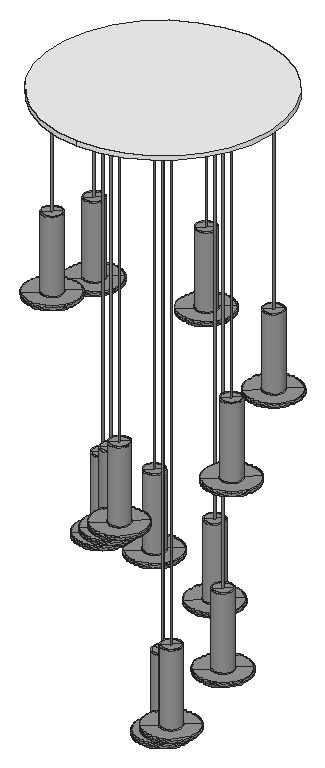
Revit family "Haworth_Cielo_Pendant_ThirteenLight", category Lighting Fixtures, host Ceiling, Revit 2018
Family settings
  Host = Ceiling
  Round Connector Dimension = Use Diameter
  Part Type = Normal
  OmniClass Number = 23.80.70.11
  OmniClass Title = Luminaries for Internal Lighting
  Always vertical = Yes
  Cut with Voids When Loaded = No
  Light Source = Yes
  Shared = No
  Room Calculation Point = No
Parameters (values of type "LEP3-2710")
  Wattage = 8 W
  built-in parameter 1150110 = 1 (stored number, unit not read)
  built-in parameter 1114217 = 1 (stored number, unit not read)
  Tilt Angle = 90.00°
  built-in parameter 1150109 = 1 (stored number, unit not read)
  built-in parameter 1150134 = (empty or 0)
  built-in parameter 1150113 = 1 (stored number, unit not read)
  Support Radius = 1' - 1"  # constant formula
  Photometric Web File = "generic"
  built-in parameter 1150142 = (empty or 0)
  built-in parameter 1150105 = 30.558 (stored number, unit not read)
  Lumens = 384 lm
  built-in parameter 1150115 = 1 (stored number, unit not read)
  Light Source Offset [instance] = Actual Cords 13 Length + 0' 10"  # 5' - 10"
  built-in parameter 1150137 = (empty or 0)
  built-in parameter 1150139 = (empty or 0)
  Lamps Width = 2' - 3"  # constant formula
  Warranty = "http://www.haworth.com/resources/product-info/warranties"
  URL - Product = "https://www.haworth.com/products/lighting/pendant/cielo"
  URL = "http://www.haworth.com/our-brands/haworth-collection"
  Trim Finish [instance] = Haworth _ Metal _ Stainless Steel
  Size = "Verify Final Dim. w/ Haworth"  # constant formula
  Revision Number = "1"  # constant formula
  Model = "LEP3-2710"  # constant formula
  Min. Cords Length = 1' - 0"  # constant formula
  Max. Cords Length = 10' - 0"  # constant formula
  Manufacturer = "Haworth"  # constant formula
  built-in parameter 1150112 = 1 (stored number, unit not read)
  built-in parameter 1150114 = 1 (stored number, unit not read)
  built-in parameter 1150132 = (empty or 0)
  built-in parameter 1150102 = (empty or 0)
  built-in parameter 1150107 = 3000 (stored number, unit not read)
  built-in parameter 1150138 = (empty or 0)
  built-in parameter 1150106 = 0.30558 (stored number, unit not read)
  Glass Finish = Haworth _ Glass _ Frosted
  Emit from Circle Diameter = 2' - 0"
  Emit Shape Visible in Rendering = no
  built-in parameter 1150104 = 4.4593 (stored number, unit not read)
  Dimming Lamp Color Temperature Shift = <None>
  Description = "Haworth Cielo Pendant with Thirteen Lights"  # constant formula
  Cords Finish = Haworth _ Metal _ Satin Aluminum_Grey-Cord TR-E05
  Cords 9 Length [instance] = 3' - 8"  # constant formula
  Cords 8 Length [instance] = 3' - 4"  # constant formula
  Cords 7 Length [instance] = 3' - 0"  # constant formula
  Cords 6 Length [instance] = 2' - 8"  # constant formula
  Cords 5 Length [instance] = 2' - 4"  # constant formula
  Cords 4 Length [instance] = 2' - 0"  # constant formula
  Cords 3 Length [instance] = 1' - 8"  # constant formula
  Cords 2 Length [instance] = 1' - 4"  # constant formula
  Cords 13 Length [instance] = 5' - 0"  # constant formula
  Cords 12 Length [instance] = 4' - 8"  # constant formula
  Cords 11 Length [instance] = 4' - 4"  # constant formula
  Cords 10 Length [instance] = 4' - 0"  # constant formula
  Cords 1 Length [instance] = 1' - 0"  # constant formula
  Color Filter = 16777215
  built-in parameter 1140040 [instance] = 1
  built-in parameter 1114218 = 1 (stored number, unit not read)
  Author = "Haworth (Alias)"  # constant formula
  built-in parameter 1150133 = 10 (stored number, unit not read)
  Assembly Code = "D5020200"
  Apparent Load = 0 VA
  Actual Cords 9 Length [instance] = if(Cords 9 Length > Max. Cords Length, Max. Cords Length, if(Cords 9 Length < Min. Cords Length, Min. Cords Length, Cords 9 Length))  # 3' - 8"
  Actual Cords 8 Length [instance] = if(Cords 8 Length > Max. Cords Length, Max. Cords Length, if(Cords 8 Length < Min. Cords Length, Min. Cords Length, Cords 8 Length))  # 3' - 4"
  Actual Cords 7 Length [instance] = if(Cords 7 Length > Max. Cords Length, Max. Cords Length, if(Cords 7 Length < Min. Cords Length, Min. Cords Length, Cords 7 Length))  # 3' - 0"
  Actual Cords 6 Length [instance] = if(Cords 6 Length > Max. Cords Length, Max. Cords Length, if(Cords 6 Length < Min. Cords Length, Min. Cords Length, Cords 6 Length))  # 2' - 8"
  Actual Cords 5 Length [instance] = if(Cords 5 Length > Max. Cords Length, Max. Cords Length, if(Cords 5 Length < Min. Cords Length, Min. Cords Length, Cords 5 Length))  # 2' - 4"
  Actual Cords 4 Length [instance] = if(Cords 4 Length > Max. Cords Length, Max. Cords Length, if(Cords 4 Length < Min. Cords Length, Min. Cords Length, Cords 4 Length))  # 2' - 0"
  Actual Cords 3 Length [instance] = if(Cords 3 Length > Max. Cords Length, Max. Cords Length, if(Cords 3 Length < Min. Cords Length, Min. Cords Length, Cords 3 Length))  # 1' - 8"
  Actual Cords 2 Length [instance] = if(Cords 2 Length > Max. Cords Length, Max. Cords Length, if(Cords 2 Length < Min. Cords Length, Min. Cords Length, Cords 2 Length))  # 1' - 4"
  Actual Cords 13 Length [instance] = if(Cords 13 Length > Max. Cords Length, Max. Cords Length, if(Cords 13 Length < Min. Cords Length, Min. Cords Length, Cords 13 Length))  # 5' - 0"
  Actual Cords 12 Length [instance] = if(Cords 12 Length > Max. Cords Length, Max. Cords Length, if(Cords 12 Length < Min. Cords Length, Min. Cords Length, Cords 12 Length))  # 4' - 8"
  Actual Cords 11 Length [instance] = if(Cords 11 Length > Max. Cords Length, Max. Cords Length, if(Cords 11 Length < Min. Cords Length, Min. Cords Length, Cords 11 Length))  # 4' - 4"
  Actual Cords 10 Length [instance] = if(Cords 10 Length > Max. Cords Length, Max. Cords Length, if(Cords 10 Length < Min. Cords Length, Min. Cords Length, Cords 10 Length))  # 4' - 0"
  Actual Cords 1 Length [instance] = if(Cords 1 Length > Max. Cords Length, Max. Cords Length, if(Cords 1 Length < Min. Cords Length, Min. Cords Length, Cords 1 Length))  # 1' - 0"
Reference planes (in)
  plane 1 "Light Source Axis (F/B)": y = 0
  plane 2 "Ceiling": z = 145
  plane 3 "Light Source Axis (L/R)": x = 0
  plane 4 "Light Source Elevation": z = 74.5
  plane 5 "Back": y = 13.5
  plane 6 "Front": y = -13.5
  plane 7 "Left": x = -13.5
  plane 8 "Right": x = 13.5
  plane 9 "Bottom Bracket": z = 144.5
  plane 10: through (0, 0, 48) normal (0.695, 0.719, 0)
  plane 11: through (1.5717, 5.86565, 48) normal (0.695, 0.719, 0)
  plane 12: through (-1.57869, -5.86117, 48) normal (0.695, 0.719, 0)
  plane 13: through (-7.21321, -7.62318, 48) normal (0.695, 0.719, 0)
  plane 14: through (7.37453, 7.46723, 48) normal (0.695, 0.719, 0)
  plane 15: through (0, 0, 48) normal (-0.719, 0.695, 0)
  plane 16: through (-5.92161, -1.66291, 48) normal (-0.719, 0.695, 0)
  plane 17: through (-4.44481, 4.32501, 48) normal (-0.719, 0.695, 0)
  plane 18: through (-10.36516, 2.66089, 48) normal (-0.719, 0.695, 0)
  plane 19: through (-1.46142, -5.97453, 48) normal (-0.719, 0.695, 0)
  plane 20: through (4.47306, -4.29579, 48) normal (-0.719, 0.695, 0)
  plane 21: through (3.01038, -10.26911, 48) normal (-0.719, 0.695, 0)
Forms (in)
  Extrusion 1, solid, material "Haworth _ Paint _ Collection White"
    sketch origin (0, 0, 74.5) x (0, -1, 0) y (1, 0, 0)
      loop
        circle (0, 0) r 13
    from 70 to 70.5
Lines and regions (in)
  Masking region 1
    outline origin (0, 0, 74.5) x (0, -1, 0) y (1, 0, 0)
      loop
        circle (0, 0) r 13
  Masking region 2
    outline origin (0, 0, 78.91326) x (0, -1, 0) y (1, 0, 0)
      loop
        circle (-10.28254, -2.99739) r 3
  Masking region 3
    outline origin (4.45768, -4.30919, 78.91326) x (0, -1, 0) y (1, 0, 0)
      loop
        circle (-10.28254, -2.99739) r 3
  Masking region 4
    outline origin (8.91786, -8.62081, 78.91326) x (0, -1, 0) y (1, 0, 0)
      loop
        circle (-10.28254, -2.99739) r 3
  Masking region 5
    outline origin (13.37554, -12.93, 78.91326) x (0, -1, 0) y (1, 0, 0)
      loop
        circle (-10.28254, -2.99739) r 3
  Masking region 6
    outline origin (-1.46154, -5.97214, 78.91326) x (0, -1, 0) y (1, 0, 0)
      loop
        circle (-10.28254, -2.99739) r 3
  Masking region 7
    outline origin (2.99739, -10.28254, 78.91326) x (0, -1, 0) y (1, 0, 0)
      loop
        circle (-10.28254, -2.99739) r 3
  Masking region 8
    outline origin (7.45632, -14.59294, 78.91326) x (0, -1, 0) y (1, 0, 0)
      loop
        circle (-10.28254, -2.99739) r 3
  Masking region 9
    outline origin (10.29126, -2.73734, 78.91326) x (0, -1, 0) y (1, 0, 0)
      loop
        circle (-10.28254, -2.99739) r 3
  Masking region 10
    outline origin (-7.3819, -7.63626, 78.91326) x (0, -1, 0) y (1, 0, 0)
      loop
        circle (-10.28254, -2.99739) r 3
  Masking region 11
    outline origin (-2.92422, -11.94545, 78.91326) x (0, -1, 0) y (1, 0, 0)
      loop
        circle (-10.28254, -2.99739) r 3
  Masking region 12
    outline origin (1.53597, -16.25707, 78.91326) x (0, -1, 0) y (1, 0, 0)
      loop
        circle (-10.28254, -2.99739) r 3
  Masking region 13
    outline origin (5.99364, -20.56626, 78.91326) x (0, -1, 0) y (1, 0, 0)
      loop
        circle (-10.28254, -2.99739) r 3
  Masking region 14
    outline origin (-4.29648, -17.82775, 78.91326) x (0, -1, 0) y (1, 0, 0)
      loop
        circle (-10.28254, -2.99739) r 3
Dimensions and locks (in)
  equal spacing: host sketch curve, plane 3 "Light Source Axis (L/R)", host sketch curve
  equal spacing: host sketch curve, plane 1 "Light Source Axis (F/B)", host sketch curve
  host sketch curve to host sketch curve = 10' - 0"  (x2)
  locked: plane 2 "Ceiling" to plane 9 "Bottom Bracket" at 0.5
  equal spacing: plane 7 "Left", plane 3 "Light Source Axis (L/R)", plane 8 "Right"  (x2)
  equal spacing: plane 5 "Back", plane 1 "Light Source Axis (F/B)", plane 6 "Front"
  "Lamps Width": plane 7 "Left" to plane 8 "Right"
  "Lamps Width": plane 5 "Back" to plane 6 "Front"
  "Light Source Offset": plane 9 "Bottom Bracket" to plane 4 "Light Source Elevation"
  "Support Radius": radius of Extrusion 1 sketch curve
  "Support Radius": radius of Masking region 1 sketch curve
  aligned and locked: plane 2 "Ceiling" to host ceiling
  aligned and locked: plane 2 "Ceiling" to Extrusion 1
  aligned and locked: plane 9 "Bottom Bracket" to Extrusion 1
  aligned and locked: plane 3 "Light Source Axis (L/R)" to Masking region 1 sketch curve
  aligned and locked: plane 1 "Light Source Axis (F/B)" to Masking region 1 sketch curve
  aligned and locked: plane 1 "Light Source Axis (F/B)" to Extrusion 1 sketch curve
  aligned and locked: plane 3 "Light Source Axis (L/R)" to Extrusion 1 sketch curve
  aligned and locked: plane 10 to nested 4
  aligned and locked: plane 10 to nested 11
  aligned and locked: plane 11 to nested 5
  aligned and locked: plane 11 to nested 2
  aligned and locked: plane 11 to nested 9
  aligned and locked: plane 11 to nested 13
  aligned and locked: nested 8 to plane 14
  aligned and locked: plane 12 to nested 6
  aligned and locked: plane 12 to nested 3
  aligned and locked: plane 12 to nested 10
  aligned and locked: plane 12 to nested 12
  aligned and locked: plane 13 to nested 7
  aligned and locked: plane 21 to nested 6
  aligned and locked: plane 21 to nested 5
  aligned and locked: plane 20 to nested 4
  aligned and locked: plane 19 to nested 3
  aligned and locked: plane 19 to nested 2
  aligned and locked: nested 7 to plane 15
  aligned and locked: nested 8 to plane 15
  aligned and locked: nested 10 to plane 16
  aligned and locked: nested 9 to plane 16
  aligned and locked: nested 11 to plane 17
  aligned and locked: nested 12 to plane 18
  aligned and locked: nested 13 to plane 18
  aligned and locked: plane 2 "Ceiling" to nested 5
  aligned and locked: plane 2 "Ceiling" to nested 6
  aligned and locked: plane 2 "Ceiling" to nested 7
  aligned and locked: plane 2 "Ceiling" to nested 12
  aligned and locked: plane 2 "Ceiling" to nested 4
  aligned and locked: plane 2 "Ceiling" to nested 2
  aligned and locked: plane 2 "Ceiling" to nested 8
  aligned and locked: plane 2 "Ceiling" to nested 3
  aligned and locked: plane 2 "Ceiling" to nested 10
  aligned and locked: plane 2 "Ceiling" to nested 1
  aligned and locked: plane 2 "Ceiling" to nested 11
  aligned and locked: plane 2 "Ceiling" to nested 9
  aligned and locked: plane 2 "Ceiling" to nested 13
  aligned and locked: plane 3 "Light Source Axis (L/R)" to imposter light
  aligned and locked: imposter light to plane 1 "Light Source Axis (F/B)"
  aligned and locked: imposter light to plane 4 "Light Source Elevation"
Automatic sketch dimensions
  Masking region 2 sketch curve to plane 11 = 0' - 0"
  Masking region 2 sketch curve to plane 18 = 0' - 0"
  Masking region 3 sketch curve to plane 11 = 0' - 0"
  Masking region 3 sketch curve to plane 16 = 0' - 0"
  Masking region 4 sketch curve to plane 11 = 0' - 0"
  plane 19 to Masking region 4 sketch curve = 0' - 0"
  Masking region 5 sketch curve to plane 11 = 0' - 0"
  plane 21 to Masking region 5 sketch curve = 0' - 0"
  Masking region 6 sketch curve to plane 10 = 0' - 0"
  Masking region 6 sketch curve to plane 17 = 0' - 0"
  plane 1 "Light Source Axis (F/B)" to Masking region 7 sketch curve = 0' - 0"
  Masking region 7 sketch curve to plane 3 "Light Source Axis (L/R)" = 0' - 0"
  Masking region 8 sketch curve to plane 10 = 0' - 0"
  plane 20 to Masking region 8 sketch curve = 0' - 0"
  plane 14 to Masking region 9 sketch curve = 0' - 0"
  Masking region 9 sketch curve to plane 15 = 0' - 0"
  Masking region 10 sketch curve to plane 12 = 0' - 0"
  Masking region 10 sketch curve to plane 18 = 0' - 0"
  Masking region 11 sketch curve to plane 12 = 0' - 0"
  Masking region 11 sketch curve to plane 16 = 0' - 0"
  Masking region 12 sketch curve to plane 12 = 0' - 0"
  plane 19 to Masking region 12 sketch curve = 0' - 0"
  Masking region 13 sketch curve to plane 12 = 0' - 0"
  plane 21 to Masking region 13 sketch curve = 0' - 0"
  Masking region 14 sketch curve to plane 13 = 0' - 0"
  Masking region 14 sketch curve to plane 15 = 0' - 0"
  radius of Masking region 2 sketch curve = 0' - 3"
  radius of Masking region 3 sketch curve = 0' - 3"
  radius of Masking region 4 sketch curve = 0' - 3"
  radius of Masking region 5 sketch curve = 0' - 3"
  radius of Masking region 6 sketch curve = 0' - 3"
  radius of Masking region 7 sketch curve = 0' - 3"
  radius of Masking region 8 sketch curve = 0' - 3"
  radius of Masking region 9 sketch curve = 0' - 3"
  radius of Masking region 10 sketch curve = 0' - 3"
  radius of Masking region 11 sketch curve = 0' - 3"
  radius of Masking region 12 sketch curve = 0' - 3"
  radius of Masking region 13 sketch curve = 0' - 3"
  radius of Masking region 14 sketch curve = 0' - 3"
Nested families (in)
  nested 1: "Haworth_Cielo_Pendant_PART" at (0, 0, 75), Cords Length <- "Actual Cords 13 Length", type "Pendant"
    with Cords Length 5' - 0", Actual Cords Length 5' - 0"
  nested 2: "Haworth_Cielo_Pendant_PART" at (5.92047, 1.66174, 83) x (0.695, 0.719, 0) z (0, 0, 1), Cords Length <- "Actual Cords 11 Length", type "Pendant"
    with Cords Length 4' - 4", Actual Cords Length 4' - 4"
  nested 3: "Haworth_Cielo_Pendant_PART" at (-1.46142, -5.97453, 99) x (0.695, 0.719, 0) z (0, 0, 1), Cords Length <- "Actual Cords 7 Length", type "Pendant"
    with Cords Length 3' - 0", Actual Cords Length 3' - 0"
  nested 4: "Haworth_Cielo_Pendant_PART" at (4.45893, -4.3104, 79) x (0.695, 0.719, 0) z (0, 0, 1), Cords Length <- "Actual Cords 12 Length", type "Pendant"
    with Cords Length 4' - 8", Actual Cords Length 4' - 8"
  nested 5: "Haworth_Cielo_Pendant_PART" at (10.37815, -2.64745, 107) x (0.695, 0.719, 0) z (0, 0, 1), Cords Length <- "Actual Cords 5 Length", type "Pendant"
    with Cords Length 2' - 4", Actual Cords Length 2' - 4"
  nested 6: "Haworth_Cielo_Pendant_PART" at (2.99625, -10.28372, 103) x (0.695, 0.719, 0) z (0, 0, 1), Cords Length <- "Actual Cords 6 Length", type "Pendant"
    with Cords Length 2' - 8", Actual Cords Length 2' - 8"
  nested 7: "Haworth_Cielo_Pendant_PART" at (-7.29387, -7.5452, 123) x (0.695, 0.719, 0) z (0, 0, 1), Cords Length <- "Actual Cords 1 Length", type "Pendant"
    with Cords Length 1' - 0", Actual Cords Length 1' - 0"
  nested 8: "Haworth_Cielo_Pendant_PART" at (7.29387, 7.5452, 111) x (0.695, 0.719, 0) z (0, 0, 1), Cords Length <- "Actual Cords 4 Length", type "Pendant"
    with Cords Length 2' - 0", Actual Cords Length 2' - 0"
  nested 9: "Haworth_Cielo_Pendant_PART" at (1.46029, 5.97335, 87) x (0.695, 0.719, 0) z (0, 0, 1), Cords Length <- "Actual Cords 10 Length", type "Pendant"
    with Cords Length 4' - 0", Actual Cords Length 4' - 0"
  nested 10: "Haworth_Cielo_Pendant_PART" at (-5.92161, -1.66291, 95) x (0.695, 0.719, 0) z (0, 0, 1), Cords Length <- "Actual Cords 8 Length", type "Pendant"
    with Cords Length 3' - 4", Actual Cords Length 3' - 4"
  nested 11: "Haworth_Cielo_Pendant_PART" at (-4.45893, 4.3104, 91) x (0.695, 0.719, 0) z (0, 0, 1), Cords Length <- "Actual Cords 9 Length", type "Pendant"
    with Cords Length 3' - 8", Actual Cords Length 3' - 8"
  nested 12: "Haworth_Cielo_Pendant_PART" at (-10.37929, 2.64628, 119) x (0.695, 0.719, 0) z (0, 0, 1), Cords Length <- "Actual Cords 2 Length", type "Pendant"
    with Cords Length 1' - 4", Actual Cords Length 1' - 4"
  nested 13: "Haworth_Cielo_Pendant_PART" at (-2.99739, 10.28254, 115) x (0.695, 0.719, 0) z (0, 0, 1), Cords Length <- "Actual Cords 3 Length", type "Pendant"
    with Cords Length 1' - 8", Actual Cords Length 1' - 8"
Connectors (in)
  electrical at (0, 0, 145), driven by "Apparent Load"
    settings: on Extrusion 1, index 1, voltage 120 V, apparent load 0 VA, apparent load phase1 0 VA, apparent load phase2 0 VA, apparent load phase3 0 VA, power factor 1, load classification "Other", number of poles 1, system type 31, power factor state 1, is connector primary yes, connector utility no, sub classification motor no, connector description ""
Definition of nested family "Haworth_Cielo_Pendant_PART"
  Parameters (values of type "Pendant")
    Wattage = 8 W
    Warranty = "http://www.haworth.com/resources/product-info/warranties"
    built-in parameter 1150110 = 1 (stored number, unit not read)
    URL - Product = "https://www.haworth.com/products/lighting/pendant/cielo"
    URL = "http://www.haworth.com/our-brands/haworth-collection"
    Trim Finish = none
    built-in parameter 1114217 = 1 (stored number, unit not read)
    Tilt Angle = 90.00°
    built-in parameter 1150109 = 1 (stored number, unit not read)
    built-in parameter 1150134 = (empty or 0)
    built-in parameter 1150113 = 1 (stored number, unit not read)
    Size = "Verify Final Dim. w/ Haworth"  # constant formula
    Revision Number = "1"  # constant formula
    Photometric Web File = "generic"
    built-in parameter 1150142 = (empty or 0)
    Model = "LEP"  # constant formula
    Min. Cords Length = 1' - 0"  # constant formula
    Max. Cords Length = 10' - 0"  # constant formula
    Manufacturer = "Haworth"  # constant formula
    built-in parameter 1150105 = 30.558 (stored number, unit not read)
    Lumens = 384 lm
    built-in parameter 1150115 = 1 (stored number, unit not read)
    built-in parameter 1150137 = (empty or 0)
    built-in parameter 1150139 = (empty or 0)
    Lamps Width = 0' - 6"  # constant formula
    built-in parameter 1150112 = 1 (stored number, unit not read)
    built-in parameter 1150114 = 1 (stored number, unit not read)
    built-in parameter 1150132 = (empty or 0)
    built-in parameter 1150102 = (empty or 0)
    built-in parameter 1150107 = 3000 (stored number, unit not read)
    built-in parameter 1150138 = (empty or 0)
    built-in parameter 1150106 = 0.30558 (stored number, unit not read)
    Glass Finish = none
    Emit from Circle Diameter = 2' - 0"
    Emit Shape Visible in Rendering = no
    built-in parameter 1150104 = 4.4593 (stored number, unit not read)
    Dimming Lamp Color Temperature Shift = (empty or 0)
    Description = "Haworth - Cielo - Pendant"  # constant formula
    Cords Length [instance] = 2' - 8"
    Cords Finish = none
    Color Filter = 16777215
    built-in parameter 1114218 = 1 (stored number, unit not read)
    Author = "Haworth(Alias)"  # constant formula
    built-in parameter 1150133 = 10 (stored number, unit not read)
    Actual Cords Length [instance] = if(Cords Length > Max. Cords Length, Max. Cords Length, if(Cords Length < Min. Cords Length, Min. Cords Length, Cords Length))  # 2' - 8"
  Reference planes (in)
    plane 1 "Light Source Axis (F/B)": y = 0
    plane 2: z = 0
    plane 3 "Light Source Axis (L/R)": x = 0
    plane 4 "Light Source Elevation": z = 0.26953
    plane 5: y = 3
    plane 6: y = -3
    plane 7: x = 3
    plane 8: x = -3
    plane 9 "Top": z = 42
    plane 10 "Bottom Bracket": z = 41.5
    plane 11 "Bottom Cords": z = 9.5
    plane 12 "Middle Lamps": z = 0.85937
    plane 13 "Bottom Lamps": z = 0.46875
  Forms (in)
    Revolve 1, solid, material <- "Trim Finish"
      sketch origin (0, 0, 0) x (1, 0, 0) y (0, 0, 1)
        loop
          line (0, 9.5) -> (0, 0.46875) -> (2.9375, 0.46875)
          arc (2.9375, 0.46875) -> (2.98169, 0.48706) -> (3, 0.53125) r 0.0625
          line (3, 0.53125) -> (3, 0.79687)
          arc (3, 0.79687) -> (2.98169, 0.84107) -> (2.9375, 0.85937) r 0.0625
          line (2.9375, 0.85937) -> (1.18689, 0.85937)
          arc (1.18689, 0.85937) -> (1.14269, 0.87768) -> (1.12439, 0.92187) r 0.0625
          line (1.12439, 0.92187) -> (1.12439, 9.4375)
          arc (1.12439, 9.4375) -> (1.10608, 9.48169) -> (1.06189, 9.5) r 0.0625
          line (1.06189, 9.5) -> (0, 9.5)
        axis (0, 9.5) -> (0, 0.46875)
      angle from 0 to 360
    Extrusion 2, solid, material <- "Cords Finish"
      sketch origin (0, 0, 0) x (1, 0, 0) y (0, 1, 0)
        loop
          circle (0, 0) r 0.08004
      from 9.5 to 41.5
  Lines and regions (in)
    Masking region 1
      outline origin (0, 0, 0) x (1, 0, 0) y (0, 1, 0)
        loop
          circle (0, 0) r 3
  Dimensions and locks (in)
    locked: plane 9 "Top" to plane 10 "Bottom Bracket" at 0.5
    "Actual Cords Length": plane 10 "Bottom Bracket" to plane 11 "Bottom Cords"
    locked: plane 11 "Bottom Cords" to plane 12 "Middle Lamps" at 8.64062
    locked: plane 12 "Middle Lamps" to plane 4 "Light Source Elevation" at 0.58984
    locked: plane 4 "Light Source Elevation" to plane 2 at 0.26953
    radius of Masking region 1 sketch curve = 0' - 3"
    aligned and locked: level to plane 2
    aligned and locked: imposter light to plane 4 "Light Source Elevation"
    aligned and locked: plane 3 "Light Source Axis (L/R)" to Revolve 1 sketch curve
    aligned and locked: Revolve 1 sketch curve to plane 13 "Bottom Lamps"
    aligned and locked: plane 12 "Middle Lamps" to Revolve 1 sketch curve
    aligned and locked: Revolve 1 sketch curve to plane 7
    aligned and locked: Revolve 1 sketch curve to plane 3 "Light Source Axis (L/R)"
    aligned and locked: plane 1 "Light Source Axis (F/B)" to Extrusion 2 sketch curve
    aligned and locked: plane 3 "Light Source Axis (L/R)" to Extrusion 2 sketch curve
    aligned and locked: plane 11 "Bottom Cords" to Extrusion 2
    aligned and locked: Extrusion 2 to plane 10 "Bottom Bracket"
  Automatic sketch dimensions
    Revolve 1 sketch curve to plane 11 "Bottom Cords" = 0' - 0"
    plane 11 "Bottom Cords" to Revolve 1 sketch curve = 0' - 0 1/16"
    plane 3 "Light Source Axis (L/R)" to Revolve 1 sketch curve = 0' - 1.06189"
    Revolve 1 sketch curve to Revolve 1 sketch curve = 0' - 0 1/16"  (x2)
    Revolve 1 sketch curve to plane 7 = 0' - 0 1/16"
    Revolve 1 sketch curve to level = 0' - 5 1/2"
    Revolve 1 sketch curve to plane 11 "Bottom Cords" = 0' - 5"
    plane 1 "Light Source Axis (F/B)" to Masking region 1 sketch curve = 0' - 0"
    Masking region 1 sketch curve to plane 3 "Light Source Axis (L/R)" = 0' - 0"
    radius of Extrusion 2 sketch curve = 0' - 0.08004"
